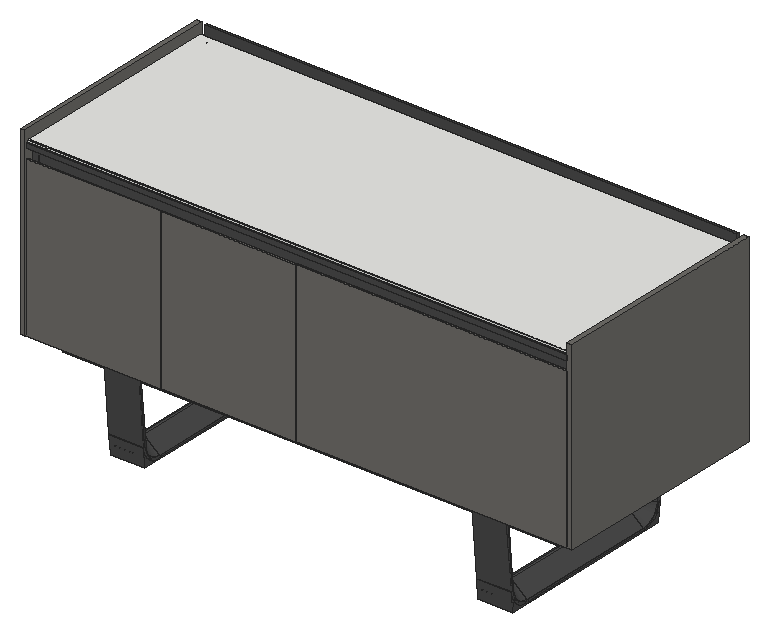
Revit family "Storage-Teknion-CW2A_C+D_Two_Storage_Credenza_29_Height_Elevated_Base-R2020", category Furniture, Revit 2020
Family settings
  OmniClass Number = 23.40.20.00
  OmniClass Title = General Furniture and Specialties
  Work Plane-Based = No
  Always vertical = Yes
  Cut with Voids When Loaded = No
  Shared = Yes
  Room Calculation Point = No
Parameters (values of type "24D x 60W")
  Width = 60.000"
  Warranty = "http://www.teknion.com/ca/papers/legal-canada"
  Top Finish [instance] = Laminate - StudioTK - RY - White Solid Core
  Storage Configuration Selection [instance] = "Please select only one storage configuration below."  # constant formula
  Right Waste [instance] = or([(VW) Left A/V with Upper Drawer , Right Waste], [(AW) Left A/V , Right Waste], [(DW) Left Drawers , Right Waste], [(CW) Left Closed Storage , Right Waste])  # yes
  Right V&A Cut out [instance] = if(or([(WV) Left Waste , Right A/V with Upper Drawer], [(WA) Left Waste , Right A/V], [(CA) Left Closed Storage , Right A/V], [(CV) Left Closed Storage , Right A/V with Upper Drawer]), 15.000", 8.000")  # 8.000"
  Unit Weight URL = "http://www.teknion.com/ca/tools/assets#&asset=bee6a381-b954-425e-8283-5a2de3a804f2,f828d448-4b62-4231-9e5f-9a8991c0ed77"
  URL = "www.teknion.com"
  To render please download texture images found here [instance] = "https://assets.teknion.com/web/5e81352c1dfdb467/revit-material-swatches/"
  Sustainability Data = "https://www.teknion.com/ca/tools/assets#&topic=216f99a5-57a0-44fc-b10a-9dee9b29ae4c&asset=444deb64-fe58-4b68-981e-f75e97781df7,b4ff2d81-9f2e-437d-9659-7cffb09c31cf"
  Series = "C+D Conference Table"  # constant formula
  Right V&A 2D Lines [instance] = or([(WV) Left Waste , Right A/V with Upper Drawer], [(WA) Left Waste , Right A/V], [(CA) Left Closed Storage , Right A/V], [(CV) Left Closed Storage , Right A/V with Upper Drawer])  # no
  Right Drawers [instance] = or([(DD) All Drawers], [(WD) Left Waste , Right Drawers])  # no
  Right Double Door [instance] = or([(WV) Left Waste , Right A/V with Upper Drawer], [(WA) Left Waste , Right A/V], [(VC) Left A/V with Upper Drawer , Right Closed Storage], [(AC) Left A/V , Right Closed Storage], [(CC) All Close Storage], [(CA) Left Closed Storage , Right A/V], [(CV) Left Closed Storage , Right A/V with Upper Drawer], [(WC)  Left Waste , Right Closed Storage])  # no
  Right Door [instance] = not(or(Right Drawers, Right Waste))  # no
  Middle 2D Node [instance] = or([(VW) Left A/V with Upper Drawer , Right Waste], [(DD) All Drawers], [(WD) Left Waste , Right Drawers], [(CV) Left Closed Storage , Right A/V with Upper Drawer])  # yes
  Left Waste [instance] = or([(WV) Left Waste , Right A/V with Upper Drawer], [(WA) Left Waste , Right A/V], [(WC)  Left Waste , Right Closed Storage], [(WD) Left Waste , Right Drawers])  # no
  Left V&A Cut Out [instance] = if(or([(VW) Left A/V with Upper Drawer , Right Waste], [(AW) Left A/V , Right Waste], [(AC) Left A/V , Right Closed Storage], [(VC) Left A/V with Upper Drawer , Right Closed Storage]), 15.000", 8.000")  # 15.000"
  Left V&A 2D Lines [instance] = or([(VW) Left A/V with Upper Drawer , Right Waste], [(AW) Left A/V , Right Waste], [(AC) Left A/V , Right Closed Storage], [(VC) Left A/V with Upper Drawer , Right Closed Storage])  # yes
  Left Drawers [instance] = or([(DW) Left Drawers , Right Waste], [(DD) All Drawers])  # no
  Left Double Door [instance] = or([(VW) Left A/V with Upper Drawer , Right Waste], [(AW) Left A/V , Right Waste], [(CW) Left Closed Storage , Right Waste], [(CV) Left Closed Storage , Right A/V with Upper Drawer], [(CA) Left Closed Storage , Right A/V], [(AC) Left A/V , Right Closed Storage], [(VC) Left A/V with Upper Drawer , Right Closed Storage], [(CC) All Close Storage])  # yes
  Left Door [instance] = not(or(Left Drawers, Left Waste))  # yes
  Door Size = 14.642"
  Description = "C+D Two Storage Credenza, 29\" Height, Elevated Based, 24\" Depth, 60\" Width"
  Case Finish [instance] = Veneer - Teknion - VP - Chia
  24 2D Node = yes
  20 2D Node = no
  (WV) Left Waste , Right A/V with Upper Drawer [instance] = no
  (VW) Left A/V with Upper Drawer , Right Waste [instance] = yes
  (WD) Left Waste , Right Drawers [instance] = no
  (WA) Left Waste , Right A/V [instance] = no
  (DW) Left Drawers , Right Waste [instance] = no
  (CW) Left Closed Storage , Right Waste [instance] = no
  (CV) Left Closed Storage , Right A/V with Upper Drawer [instance] = no
  Product Page URL = "https://www.teknion.com/ca/products/product-details?productLineId=f681026f-8e7a-673b-a6c8-ff05004460c4"
  Product Line = "C+D Credenzas"  # constant formula
  Product Documentation Link = "https://www.teknion.com/pricing/cd-conference-table/pdfs/Credenzas_ppg.pdf"
  Part Number = "CW2A"  # constant formula
  Model = "CW2A_2460"
  Manufacturer Phone = "416-661-3370"  # constant formula
  Manufacturer Fax = "416.661.4586"  # constant formula
  Manufacturer Contact Information = "http://www.teknion.com/ca/contactus"
  Manufacturer Address = "1150 Flint Road, Toronto, ON. M3J 2J5. Canada"  # constant formula
  Manufacturer = "Teknion"  # constant formula
  (CA) Left Closed Storage , Right A/V [instance] = no
  (DD) All Drawers [instance] = no
  (CC) All Close Storage [instance] = not(or([(DD) All Drawers], [(AC) Left A/V , Right Closed Storage], [(VC) Left A/V with Upper Drawer , Right Closed Storage], [(CA) Left Closed Storage , Right A/V], [(CV) Left Closed Storage , Right A/V with Upper Drawer], [(WC)  Left Waste , Right Closed Storage], [(WD) Left Waste , Right Drawers], [(WA) Left Waste , Right A/V], [(WV) Left Waste , Right A/V with Upper Drawer], [(CW) Left Closed Storage , Right Waste], [(DW) Left Drawers , Right Waste], [(AW) Left A/V , Right Waste], [(VW) Left A/V with Upper Drawer , Right Waste]))  # no
  (VC) Left A/V with Upper Drawer , Right Closed Storage [instance] = no
  How To Use Teknion Materials User Guide [instance] = "https://assets.teknion.com/m/205dd0a49fa58060/original/How-to-add-a-Material-Library-and-Texture-Images-to-your-Revit-project.pdf"
  For Additional Finishes please visit [instance] = "https://assets.teknion.com/m/44a8009b046e5d47/original/Teknion_Materials_Library.zip"
  Depth = 24.000"
  Default Elevation = 0.000"
  Assembly Code = "E2020200"
  (WC)  Left Waste , Right Closed Storage [instance] = no
  (AW) Left A/V , Right Waste [instance] = no
  (AC) Left A/V , Right Closed Storage [instance] = no
Reference planes (in)
  plane 1 "Center Front/Back": y = -10
  plane 2: z = 0
  plane 3 "Center Left/Right": x = 30
  plane 4 "Left": x = 0
  plane 5 "Right": x = 60
  plane 6 "Back": y = 2
  plane 7 "Front": y = -22
  plane 8 "Top": z = 30.00394
  plane 9: y = -1.16628
  plane 10: y = -18.83372
  plane 11: x = 10
  plane 12: x = 50
  plane 13: x = 15.28445
  plane 14: x = 0.5689
  plane 15: x = 59.4311
  plane 16: x = 44.71555
  plane 17: y = -21.23622
Forms (in)
  Sweep 1, solid, material "Veneer - Teknion - VP - Chia" <- "Case Finish"
    path origin (0, -10, 0) x (1, 0, 0) y (0, 0, 1)
      loop
        line (0.53937, 30.00394) -> (0.53937, 10)
    profile origin (0.53937, -10, 20.00197) x (0, -1, 0) y (1, 0, 0)
      loop
        line (-12, -0.53937) -> (12, -0.53937) -> (12, 0) -> (-12, 0) -> (-12, -0.53937)
      loop
        line (-12, 59.46063) -> (-12, 58.92126) -> (12, 58.92126) -> (12, 59.46063) -> (-12, 59.46063)
  Sweep 2, solid, material "Veneer - Teknion - VP - Chia" <- "Case Finish"
    path origin (30, 0, 0) x (0, 1, 0) y (0, 0, 1)
      loop
        line (1.21654, 26.95276) -> (1.21654, 10)
    profile origin (30, 1.21654, 18.47638) x (1, 0, 0) y (0, 1, 0)
      loop
        line (-29.46063, 0.72441) -> (-29.46063, 0) -> (29.46063, 0) -> (29.46063, 0.72441) -> (-29.46063, 0.72441)
  Sweep 3, solid, material "Veneer - Teknion - VP - Chia" <- "Case Finish"
    path origin (0, -10, 0) x (1, 0, 0) y (0, 0, 1)
      loop
        line (0.53937, 11.03937) -> (59.46063, 11.03937)
    profile origin (30, -10, 11.03937) x (0, 0, 1) y (0, -1, 0)
      loop
        line (0, 11.03819) -> (-1.03937, 11.03819) -> (-1.03937, -11.21654) -> (0, -11.21654) -> (0, 11.03819)
  Sweep 4, solid, material "Veneer - Teknion - VP - Chia" <- "Case Finish"
    path origin (0, -10, 0) x (1, 0, 0) y (0, 0, 1)
      loop
        line (29.6378, 11.03937) -> (29.6378, 27.54331)
    profile origin (29.6378, -10, 19.29134) x (-1, 0, 0) y (0, -1, 0)
      loop
        line (29.09843, -11.21654) -> (29.09843, 11.03819) -> (28.37402, 11.03819) -> (28.37402, -11.21654) -> (29.09843, -11.21654)
      loop
        line (0, -11.21654) -> (0, 11.03819) -> (-0.72441, 11.03819) -> (-0.72441, -11.21654) -> (0, -11.21654)
      loop
        line (-29.09843, 11.03819) -> (-29.82283, 11.03819) -> (-29.82283, -11.21654) -> (-29.09843, -11.21654) -> (-29.09843, 11.03819)
  Sweep 5, solid, material "Veneer - Teknion - VP - Chia" <- "Case Finish"
    path origin (0, -10, 0) x (1, 0, 0) y (0, 0, 1)
      loop
        line (59.46063, 28.29134) -> (0.53937, 28.29134)
    profile origin (30, -10, 28.29134) x (0, 0, -1) y (0, -1, 0)
      loop
        line (0, -11.76378) -> (0.74803, -11.76378) -> (0.74803, 11.03819) -> (0, 11.03819) -> (0, -11.76378)
  Sweep 6, solid, material "Veneer - Teknion - VP - Chia" <- "Case Finish", visible <- "Left Double Door"
    path origin (0, -10, 0) x (1, 0, 0) y (0, 0, 1)
      loop
        line (15.24016, 27.25197) -> (0.59843, 27.25197)
    profile origin (7.91929, -10, 27.25197) x (0, 0, -1) y (0, -1, 0)
      loop
        line (0, 11.96063) -> (0, 11.84252) -> (0.6063, 11.23622) -> (17.25197, 11.23622) -> (17.25197, 11.96063) -> (0, 11.96063)
  Sweep 7, solid, material "Veneer - Teknion - VP - Chia" <- "Case Finish", visible <- "Left Double Door"
    path origin (14.72047, -10, 0) x (1, 0, 0) y (0, 0, 1)
      loop
        line (15.24016, 27.25197) -> (0.59843, 27.25197)
    profile origin (22.63976, -10, 27.25197) x (0, 0, -1) y (0, -1, 0)
      loop
        line (0, 11.96063) -> (0, 11.84252) -> (0.6063, 11.23622) -> (17.25197, 11.23622) -> (17.25197, 11.96063) -> (0, 11.96063)
  Sweep 8, solid, material "Veneer - Teknion - VP - Chia" <- "Case Finish", visible <- "Right Double Door"
    path origin (29.44094, -10, 0) x (1, 0, 0) y (0, 0, 1)
      loop
        line (15.24016, 27.25197) -> (0.59843, 27.25197)
    profile origin (37.36024, -10, 27.25197) x (0, 0, -1) y (0, -1, 0)
      loop
        line (0, 11.96063) -> (0, 11.84252) -> (0.6063, 11.23622) -> (17.25197, 11.23622) -> (17.25197, 11.96063) -> (0, 11.96063)
  Sweep 9, solid, material "Veneer - Teknion - VP - Chia" <- "Case Finish", visible <- "Right Double Door"
    path origin (44.16142, -10, 0) x (1, 0, 0) y (0, 0, 1)
      loop
        line (15.24016, 27.25197) -> (0.59843, 27.25197)
    profile origin (52.08071, -10, 27.25197) x (0, 0, -1) y (0, -1, 0)
      loop
        line (0, 11.96063) -> (0, 11.84252) -> (0.6063, 11.23622) -> (17.25197, 11.23622) -> (17.25197, 11.96063) -> (0, 11.96063)
  Sweep 10, solid, material "Veneer - Teknion - VP - Chia" <- "Case Finish", visible <- "Left Drawers"
    path origin (0, -10, 0) x (1, 0, 0) y (0, 0, 1)
      loop
        line (0.59843, 19.12598) -> (29.96063, 19.12598)
    profile origin (15.27953, -10, 19.12598) x (0, 0, 1) y (0, -1, 0)
      loop
        line (8.12598, 11.84252) -> (8.12598, 11.96063) -> (0, 11.96063) -> (0, 11.23622) -> (7.51969, 11.23622) -> (8.12598, 11.84252)
  Sweep 11, solid, material "Veneer - Teknion - VP - Chia" <- "Case Finish", visible <- "Left Drawers"
    path origin (0, -10, 0) x (1, 0, 0) y (0, 0, 1)
      loop
        line (29.96063, 18.12598) -> (0.59843, 18.12598)
    profile origin (15.27953, -10, 18.12598) x (0, 0, -1) y (0, -1, 0)
      loop
        line (0, 11.96063) -> (0, 11.84252) -> (0.6063, 11.23622) -> (8.12598, 11.23622) -> (8.12598, 11.96063) -> (0, 11.96063)
  Sweep 12, solid, material "Veneer - Teknion - VP - Chia" <- "Case Finish", visible <- "Right Drawers"
    path origin (29.44094, -10, 0) x (1, 0, 0) y (0, 0, 1)
      loop
        line (0.59843, 19.12598) -> (29.96063, 19.12598)
    profile origin (44.72047, -10, 19.12598) x (0, 0, 1) y (0, -1, 0)
      loop
        line (8.12598, 11.84252) -> (8.12598, 11.96063) -> (0, 11.96063) -> (0, 11.23622) -> (7.51969, 11.23622) -> (8.12598, 11.84252)
  Sweep 13, solid, material "Veneer - Teknion - VP - Chia" <- "Case Finish", visible <- "Right Drawers"
    path origin (29.44094, -10, 0) x (1, 0, 0) y (0, 0, 1)
      loop
        line (29.96063, 18.12598) -> (0.59843, 18.12598)
    profile origin (44.72047, -10, 18.12598) x (0, 0, -1) y (0, -1, 0)
      loop
        line (0, 11.96063) -> (0, 11.84252) -> (0.6063, 11.23622) -> (8.12598, 11.23622) -> (8.12598, 11.96063) -> (0, 11.96063)
  Sweep 14, solid, material "Paint - Teknion - 52 - Ebony"
    path origin (0, 0, 0) x (1, 0, 0) y (0, 1, 0)
      loop
        line (59.46063, -20.29016) -> (0.53937, -20.29016)
    profile origin (30, -20.29016, 0) x (0, -1, 0) y (0, 0, 1)
      loop
        line (1.67055, 28.78346) -> (1.27685, 28.78346) -> (1.27685, 28.33071) -> (0.74803, 28.33071) -> (0.74803, 27.54331) -> (0, 27.54331) -> (0, 26.32283) -> (0.82803, 26.32283) -> (0.82803, 28.25071) -> (1.67055, 28.25071) -> (1.67055, 28.78346)
  Sweep 15, solid, material "Paint - Teknion - 52 - Ebony"
    path origin (0, 0, 0) x (1, 0, 0) y (0, 1, 0)
      loop
        line (1.03937, 0.76378) -> (58.96063, 0.76378)
    profile origin (30, 0.76378, 0) x (0, 1, 0) y (0, 0, 1)
      loop
        line (1.23622, 30.00394) -> (1, 30.00394) -> (1, 28.58324)
        arc (1, 28.58324) -> (1, 28.52756) -> (0.94432, 28.52756) r 0.03937
        line (0.94432, 28.52756) -> (0, 28.52756) -> (0, 28.29134) -> (0.94432, 28.29134)
        arc (0.94432, 28.29134) -> (1, 28.29134) -> (1, 28.23566) r 0.03937
        line (1, 28.23566) -> (1, 27.54331) -> (1.23622, 27.54331) -> (1.23622, 30.00394)
  Sweep 16, solid, material "Paint - Teknion - 52 - Ebony"
    path origin (0, 0, 0) x (1, 0, 0) y (0, 1, 0)
      loop
        line (4.01575, -1.01575) -> (4.01575, -18.98425) -> (55.98425, -18.98425) -> (55.98425, -1.01575) -> (4.01575, -1.01575)
    profile origin (4.01575, -10, 0) x (1, 0, 0) y (0, 0, 1)
      loop
        line (-0.431, 8.52) -> (-0.431, 9.9) -> (-0.09, 9.9) -> (-0.09, 9.6675) -> (0, 9.6675) -> (0, 9.98)
        arc (0, 9.98) -> (-0.00586, 9.99414) -> (-0.02, 10) r 0.02
        line (-0.02, 10) -> (-0.99575, 10)
        arc (-0.99575, 10) -> (-1.00989, 9.99414) -> (-1.01575, 9.98) r 0.02
        line (-1.01575, 9.98) -> (-1.01575, 8.44)
        arc (-1.01575, 8.44) -> (-1.00989, 8.42586) -> (-0.99575, 8.42) r 0.02
        line (-0.99575, 8.42) -> (-0.02, 8.42)
        arc (-0.02, 8.42) -> (-0.00586, 8.42586) -> (0, 8.44) r 0.02
        line (0, 8.44) -> (0, 8.7525) -> (-0.09, 8.7525) -> (-0.09, 8.52) -> (-0.431, 8.52)
  Sweep 17, solid, material "Paint - Teknion - 52 - Ebony"
    path origin (0, -10, 0) x (1, 0, 0) y (0, 0, 1)
      loop
        line (8.11383, 0.125) -> (11.88617, 0.125)
    profile origin (10, -10, 0.125) x (0, 0, 1) y (0, -1, 0)
      loop
        arc (0.10359, 7.89493) -> (0.65668, 9.37616) -> (2.06899, 10.08704) r 2.16637
        line (2.06899, 10.08704) -> (0, 9.89454) -> (0, -9.89454) -> (2.06899, -10.08704)
        arc (2.06899, -10.08704) -> (0.65668, -9.37616) -> (0.10359, -7.89493) r 2.16637
        line (0.10359, -7.89493) -> (0.12003, -6.73851) -> (0.12003, 6.73851) -> (0.10359, 7.89493)
  Sweep 18, solid, material "Paint - Teknion - 52 - Ebony"
    path origin (0, -10, 0) x (1, 0, 0) y (0, 0, 1)
      loop
        line (48.11383, 0.125) -> (51.88617, 0.125)
    profile origin (50, -10, 0.125) x (0, 0, 1) y (0, -1, 0)
      loop
        arc (0.10359, 7.89493) -> (0.65668, 9.37616) -> (2.06899, 10.08704) r 2.16637
        line (2.06899, 10.08704) -> (0, 9.89454) -> (0, -9.89454) -> (2.06899, -10.08704)
        arc (2.06899, -10.08704) -> (0.65668, -9.37616) -> (0.10359, -7.89493) r 2.16637
        line (0.10359, -7.89493) -> (0.12003, -6.73851) -> (0.12003, 6.73851) -> (0.10359, 7.89493)
  Sweep 19, solid, material "Veneer - Teknion - VP - Chia" <- "Case Finish", visible <- "Left Waste"
    path origin (0, -10, 0) x (1, 0, 0) y (0, 0, 1)
      loop
        line (29.96063, 27.25197) -> (0.59843, 27.25197)
    profile origin (15.27953, -10, 27.25197) x (0, 0, -1) y (0, -1, 0)
      loop
        line (0, 11.84252) -> (0.6063, 11.23622) -> (17.25197, 11.23622) -> (17.25197, 11.96063) -> (0, 11.96063) -> (0, 11.84252)
  Sweep 20, solid, material "Veneer - Teknion - VP - Chia" <- "Case Finish", visible <- "Right Waste"
    path origin (29.44094, -10, 0) x (1, 0, 0) y (0, 0, 1)
      loop
        line (29.96063, 27.25197) -> (0.59843, 27.25197)
    profile origin (44.72047, -10, 27.25197) x (0, 0, -1) y (0, -1, 0)
      loop
        line (0, 11.84252) -> (0.6063, 11.23622) -> (17.25197, 11.23622) -> (17.25197, 11.96063) -> (0, 11.96063) -> (0, 11.84252)
  Sweep 21, solid, material "Laminate - StudioTK - RY - White Solid Core" <- "Top Finish"
    path origin (0, -10, 0) x (1, 0, 0) y (0, 0, 1)
      loop
        line (0.53937, 29) -> (59.46063, 29)
    profile origin (30, -10, 29) x (0, 0, 1) y (0, -1, 0)
      loop
        arc (0, 11.66535) -> (-0.0173, 11.70711) -> (-0.05906, 11.72441) r 0.05906
        line (-0.05906, 11.72441) -> (-0.21654, 11.72441) -> (-0.21654, 11.48819) -> (-0.47244, 11.48819) -> (-0.47244, -11.76378) -> (0, -11.76378) -> (0, 11.66535)
  Revolve 22, solid, material "Paint - Teknion - 52 - Ebony"
    sketch origin (10, -2.36839, 48) x (0, 1, 0) y (0, 0, 1)
      loop
        line (-16.46533, -47.875) -> (-16.46533, -48) -> (-15.75981, -48) -> (-15.66743, -47.92) -> (-15.66743, -47.875) -> (-16.46533, -47.875)
      axis (-16.46533, -47.875) -> (-16.46533, -48)
    angle from 0 to 360
  Revolve 23, solid, material "Paint - Teknion - 52 - Ebony"
    sketch origin (10, -2.36839, 48) x (0, 1, 0) y (0, 0, 1)
      loop
        line (1.2021, -47.875) -> (1.2021, -48) -> (1.90762, -48) -> (2, -47.92) -> (2, -47.875) -> (1.2021, -47.875)
      axis (1.2021, -47.875) -> (1.2021, -48)
    angle from 0 to 360
  Revolve 24, solid, material "Paint - Teknion - 52 - Ebony"
    sketch origin (50, -2.36839, 48) x (0, 1, 0) y (0, 0, 1)
      loop
        line (1.2021, -47.875) -> (1.2021, -48) -> (1.90762, -48) -> (2, -47.92) -> (2, -47.875) -> (1.2021, -47.875)
      axis (1.2021, -47.875) -> (1.2021, -48)
    angle from 0 to 360
  Revolve 25, solid, material "Paint - Teknion - 52 - Ebony"
    sketch origin (50, -2.36839, 48) x (0, 1, 0) y (0, 0, 1)
      loop
        line (-16.46533, -47.875) -> (-16.46533, -48) -> (-15.75981, -48) -> (-15.66743, -47.92) -> (-15.66743, -47.875) -> (-16.46533, -47.875)
      axis (-16.46533, -47.875) -> (-16.46533, -48)
    angle from 0 to 360
  Sweep 26, solid, material "Paint - Teknion - 52 - Ebony"
    path origin (10, -2.36839, 48) x (0, 1, 0) y (0, 0, 1)
      loop
        line (-18.43946, -38.05874) -> (-17.71865, -45.80601)
        arc (-17.71865, -45.80601) -> (-17.00777, -47.21832) -> (-15.52654, -47.77141) r 2.16637
        line (-15.52654, -47.77141) -> (0.26331, -47.77141)
        arc (0.26331, -47.77141) -> (1.74454, -47.21832) -> (2.45543, -45.80601) r 2.16637
        line (2.45543, -45.80601) -> (3.17624, -38.05874)
    profile origin (10, -10, 0.22859) x (0, 0, 1) y (1, 0, 0)
      loop
        line (0.26293, -1.85759) -> (1.69143, -0.12524)
        arc (1.69143, -0.12524) -> (1.7364, 0) -> (1.69143, 0.12524) r 0.19685
        line (1.69143, 0.12524) -> (0.26293, 1.85759)
        arc (0.26293, 1.85759) -> (0.24317, 1.87323) -> (0.21873, 1.87938) r 0.06
        line (0.21873, 1.87938) -> (0, 1.88702) -> (0, -1.88702) -> (0.21873, -1.87938)
        arc (0.21873, -1.87938) -> (0.24317, -1.87323) -> (0.26293, -1.85759) r 0.06
  Sweep 27, solid, material "Paint - Teknion - 52 - Ebony"
    path origin (50, -2.36839, 48) x (0, 1, 0) y (0, 0, 1)
      loop
        line (-18.43946, -38.05874) -> (-17.71865, -45.80601)
        arc (-17.71865, -45.80601) -> (-17.00777, -47.21831) -> (-15.52654, -47.77141) r 2.16637
        line (-15.52654, -47.77141) -> (0.26331, -47.77141)
        arc (0.26331, -47.77141) -> (1.74454, -47.21831) -> (2.45542, -45.80601) r 2.16637
        line (2.45542, -45.80601) -> (3.17623, -38.05874)
    profile origin (50, -10, 0.22859) x (0, 0, 1) y (1, 0, 0)
      loop
        line (0.26293, -1.85759) -> (1.69142, -0.12524)
        arc (1.69142, -0.12524) -> (1.7364, 0) -> (1.69142, 0.12524) r 0.19685
        line (1.69142, 0.12524) -> (0.26293, 1.85759)
        arc (0.26293, 1.85759) -> (0.24317, 1.87323) -> (0.21873, 1.87938) r 0.06
        line (0.21873, 1.87938) -> (0, 1.88702) -> (0, -1.88702) -> (0.21873, -1.87938)
        arc (0.21873, -1.87938) -> (0.24317, -1.87323) -> (0.26293, -1.85759) r 0.06
  Sweep 28, solid, material "Paint - Teknion - 52 - Ebony", visible <- "Left Drawers"
    path origin (0, -10, 0) x (1, 0, 0) y (0, 0, 1)
      loop
        line (15.28445, 19.20472) -> (15.28445, 17.23622)
    profile origin (15.28445, -10, 18.22047) x (0, -1, 0) y (1, 0, 0)
      loop
        line (11.03819, -14.02067) -> (11.03819, -14.74508) -> (11.11319, -14.74508) -> (11.11319, 14.71555) -> (11.03819, 14.71555) -> (11.03819, 14.35335) -> (10.29016, 14.35335) -> (10.29016, -14.02067) -> (11.03819, -14.02067)
  Sweep 29, solid, material "Paint - Teknion - 52 - Ebony", visible <- "Right Drawers"
    path origin (29.46063, -10, 0) x (1, 0, 0) y (0, 0, 1)
      loop
        line (15.25492, 19.20472) -> (15.25492, 17.23622)
    profile origin (44.71555, -10, 18.22047) x (0, -1, 0) y (1, 0, 0)
      loop
        line (11.03819, -14.35335) -> (11.03819, -14.71555) -> (11.11319, -14.71555) -> (11.11319, 14.74508) -> (11.03819, 14.74508) -> (11.03819, 14.02067) -> (10.29016, 14.02067) -> (10.29016, -14.35335) -> (11.03819, -14.35335)
  Sweep 30, void
    path origin (50, -2.36839, 48) x (0, 1, 0) y (0, 0, 1)
      loop
        line (0.36839, -29.52362) -> (-7.63161, -29.52362)
    profile origin (50, -6, 18.47638) x (0, 0, -1) y (1, 0, 0)
      loop
        arc (-5, -10.20079) -> (-4.92678, -10.37756) -> (-4.75, -10.45079) r 0.25
        line (-4.75, -10.45079) -> (4.75, -10.45079)
        arc (4.75, -10.45079) -> (4.92678, -10.37756) -> (5, -10.20079) r 0.25
        line (5, -10.20079) -> (5, -0.70079)
        arc (5, -0.70079) -> (4.92678, -0.52401) -> (4.75, -0.45079) r 0.25
        line (4.75, -0.45079) -> (-4.75, -0.45079)
        arc (-4.75, -0.45079) -> (-4.92678, -0.52401) -> (-5, -0.70079) r 0.25
        line (-5, -0.70079) -> (-5, -10.20079)
  Sweep 31, void
    path origin (50, -2.36839, 48) x (0, 1, 0) y (0, 0, 1)
      loop
        line (-7.63161, -29.52362) -> (7.36839, -29.52362)
    profile origin (50, -2.5, 18.47638) x (0, 0, 1) y (1, 0, 0)
      loop
        line (5, -39.29921) -> (5, -29.79921)
        arc (5, -29.79921) -> (4.92678, -29.62244) -> (4.75, -29.54921) r 0.25
        line (4.75, -29.54921) -> (-4.75, -29.54921)
        arc (-4.75, -29.54921) -> (-4.92678, -29.62244) -> (-5, -29.79921) r 0.25
        line (-5, -29.79921) -> (-5, -39.29921)
        arc (-5, -39.29921) -> (-4.92678, -39.47599) -> (-4.75, -39.54921) r 0.25
        line (-4.75, -39.54921) -> (4.75, -39.54921)
        arc (4.75, -39.54921) -> (4.92678, -39.47599) -> (5, -39.29921) r 0.25
Cuts and joins
  Sweep 30, Sweep 31 cuts Sweep 2
Lines and regions (in)
  Masking region 1
    outline origin (0, 0, 0) x (1, 0, 0) y (0, 1, 0)
      loop
        line (0, 2) -> (0, -22) -> (0.53937, -22) -> (0.53937, -21.96071) -> (59.46063, -21.96071) -> (59.46063, -22) -> (60, -22) -> (60, 2) -> (59.46063, 2) -> (59.46063, 1.94094) -> (58.96063, 1.94094) -> (58.96063, 2) -> (1.03937, 2) -> (1.03937, 1.94094) -> (0.53937, 1.94094) -> (0.53937, 2) -> (0, 2)
  symbolic lines
    curve 1: line (0.53937, -22, 0) -> (0.53937, 2, 0)
    curve 2: line (0.53937, -21.72441, 0) -> (59.46063, -21.72441, 0)
    curve 3: line (59.46063, 2, 0) -> (59.46063, -22, 0)
    curve 4: line (59.46063, 1.76378, 0) -> (0.53937, 1.76378, 0)
    curve 5: line (58.96063, 2, 0) -> (58.96063, 1.76378, 0)
    curve 6: line (1.03937, 2, 0) -> (1.03937, 1.76378, 0)
  symbolic lines, style "FurnitureHiddenLines", detail levels medium+fine
    curve 7: line (59.46063, 1.94094, 0) -> (0.53937, 1.94094, 0)
    curve 8: line (1.03937, 0.76378, 0) -> (58.96063, 0.76378, 0)
    curve 9: line (59.46063, 1.21654, 0) -> (0.53937, 1.21654, 0)
    curve 10: line (1.26378, -21.03819, 0) -> (1.26378, 1.21654, 0)
    curve 11: line (1.03937, 0.76378, 0) -> (1.03937, 2, 0)
    curve 12: line (58.96063, 1.7081, 0) -> (1.03937, 1.7081, 0)
    curve 13: line (58.73622, 1.21654, 0) -> (58.73622, -21.03819, 0)
    curve 14: line (59.46063, -21.03819, 0) -> (0.53937, -21.03819, 0)
    curve 15: line (29.6378, 1.21654, 0) -> (29.6378, -21.03819, 0)
    curve 16: line (30.3622, -21.03819, 0) -> (30.3622, 1.21654, 0)
    curve 17: line (59.46063, -20.29016, 0) -> (0.53937, -20.29016, 0)
    curve 18: line (0.53937, -21.11819, 0) -> (59.46063, -21.11819, 0)
    curve 19: line (59.46063, -21.56701, 0) -> (0.53937, -21.56701, 0)
    curve 20: line (0.53937, -21.48819, 0) -> (59.46063, -21.48819, 0)
    curve 84: line (29.96063, -21.23622, 0) -> (29.96063, -21.96063, 0)
    curve 86: line (29.96063, -21.23622, 0) -> (0.59843, -21.23622, 0)
    curve 87: line (0.59843, -21.23622, 0) -> (0.59843, -21.96063, 0)
    curve 101: line (10.45079, 1.94094, 0) -> (20.45079, 1.94094, 0)
    curve 102: line (10.45079, 1.21654, 0) -> (10.45079, 1.94094, 0)
    curve 103: line (20.45079, 1.21654, 0) -> (10.45079, 1.21654, 0)
    curve 104: line (20.45079, 1.94094, 0) -> (20.45079, 1.21654, 0)
    curve 105: line (39.54921, 1.94094, 0) -> (49.54921, 1.94094, 0)
    curve 106: line (39.54921, 1.21654, 0) -> (39.54921, 1.94094, 0)
    curve 107: line (49.54921, 1.21654, 0) -> (39.54921, 1.21654, 0)
    curve 108: line (49.54921, 1.94094, 0) -> (49.54921, 1.21654, 0)
  symbolic lines, style "FurnitureHiddenLines", detail levels fine
    curve 21: line (3.58475, -19.41525, 0) -> (3.58475, -0.58475, 0)
    curve 22: line (3.58475, -0.58475, 0) -> (56.41525, -0.58475, 0)
    curve 23: line (56.41525, -19.41525, 0) -> (3.58475, -19.41525, 0)
    curve 24: line (56.41525, -0.58475, 0) -> (56.41525, -19.41525, 0)
    curve 25: line (56.07425, -19.07425, 0) -> (56.07425, -0.92575, 0)
    curve 26: line (55.98425, -1.01575, 0) -> (55.98425, -18.98425, 0)
    curve 27: line (3.92575, -19.07425, 0) -> (56.07425, -19.07425, 0)
    curve 28: line (55.98425, -18.98425, 0) -> (4.01575, -18.98425, 0)
    curve 29: line (3.92575, -0.92575, 0) -> (3.92575, -19.07425, 0)
    curve 30: line (4.01575, -18.98425, 0) -> (4.01575, -1.01575, 0)
    curve 31: line (56.07425, -0.92575, 0) -> (3.92575, -0.92575, 0)
    curve 32: line (4.01575, -1.01575, 0) -> (55.98425, -1.01575, 0)
    curve 33: line (2.99945, 0, 0) -> (2.99973, -20, 0)
    curve 34: line (2.99973, -20, 0) -> (57.00027, -20, 0)
    curve 35: line (57.00027, -20, 0) -> (57.00027, 0, 0)
    curve 36: line (57.00027, 0, 0) -> (2.99945, 0, 0)
    curve 37: line (11.88702, 0.80785, 0) -> (8.11298, 0.80785, 0)
    curve 38: line (11.88702, 0.80785, 0) -> (11.88702, -8.12532, 0)
    curve 39: line (8.11298, 0.80785, 0) -> (8.11298, -8.06376, 0)
    curve 40: line (8.11298, -20.80785, 0) -> (11.88702, -20.80785, 0)
    curve 41: line (8.11298, -8.06376, 0) -> (8.11298, -20.80785, 0)
    curve 42: line (11.88702, -8.12532, 0) -> (11.88702, -20.80785, 0)
    curve 43: arc (10, -1.96418, 0) -> (10.7979, -1.16628, 0) -> (10, -0.36839, 0) r 0.7979
    curve 44: arc (10, -0.46076, 0) -> (10.70552, -1.16628, 0) -> (10, -1.87181, 0) r 0.70552
    curve 45: arc (10, -1.87181, 0) -> (9.29448, -1.16628, 0) -> (10, -0.46076, 0) r 0.70552
    curve 46: arc (10, -0.36839, 0) -> (9.2021, -1.16628, 0) -> (10, -1.96418, 0) r 0.7979
    curve 47: arc (10, -19.63161, 0) -> (10.7979, -18.83372, 0) -> (10, -18.03582, 0) r 0.7979
    curve 48: arc (10, -18.12819, 0) -> (10.70552, -18.83372, 0) -> (10, -19.53924, 0) r 0.70552
    curve 49: arc (10, -19.53924, 0) -> (9.29448, -18.83372, 0) -> (10, -18.12819, 0) r 0.70552
    curve 50: arc (10, -18.03582, 0) -> (9.2021, -18.83372, 0) -> (10, -19.63161, 0) r 0.7979
    curve 51: arc (50, -1.96418, 0) -> (50.7979, -1.16628, 0) -> (50, -0.36839, 0) r 0.7979
    curve 52: arc (50, -0.46076, 0) -> (50.70552, -1.16628, 0) -> (50, -1.87181, 0) r 0.70552
    curve 53: arc (50, -1.87181, 0) -> (49.29448, -1.16628, 0) -> (50, -0.46076, 0) r 0.70552
    curve 54: arc (50, -0.36839, 0) -> (49.2021, -1.16628, 0) -> (50, -1.96418, 0) r 0.7979
    curve 55: arc (50, -19.63161, 0) -> (50.7979, -18.83372, 0) -> (50, -18.03582, 0) r 0.7979
    curve 56: arc (50, -18.12819, 0) -> (50.70552, -18.83372, 0) -> (50, -19.53924, 0) r 0.70552
    curve 57: arc (50, -18.03582, 0) -> (49.2021, -18.83372, 0) -> (50, -19.63161, 0) r 0.7979
    curve 58: arc (50, -19.53924, 0) -> (49.29448, -18.83372, 0) -> (50, -18.12819, 0) r 0.70552
    curve 59: line (48.11298, -20.80785, 0) -> (51.88702, -20.80785, 0)
    curve 60: line (48.11298, -11.98365, 0) -> (48.11298, -20.80785, 0)
    curve 61: line (51.88702, -8.22228, 0) -> (51.88702, -20.80785, 0)
    curve 62: line (51.88702, 0.80785, 0) -> (48.11298, 0.80785, 0)
    curve 63: line (48.11298, 0.80785, 0) -> (48.11298, -11.98365, 0)
    curve 64: line (51.88702, 0.80785, 0) -> (51.88702, -8.22228, 0)
    curve 65: line (8.11298, -2.10507, 0) -> (11.88702, -2.10507, 0)
    curve 66: line (11.88617, -3.26149, 0) -> (8.11383, -3.26149, 0)
    curve 67: line (11.88617, -16.73851, 0) -> (8.11383, -16.73851, 0)
    curve 68: line (8.11298, -17.89493, 0) -> (11.88702, -17.89493, 0)
    curve 69: line (48.11298, -2.10507, 0) -> (51.88702, -2.10507, 0)
    curve 70: line (51.88617, -3.26149, 0) -> (48.11383, -3.26149, 0)
    curve 71: line (51.88617, -16.73851, 0) -> (48.11383, -16.73851, 0)
    curve 72: line (48.11298, -17.89493, 0) -> (51.88702, -17.89493, 0)
  symbolic lines, style "FurnitureHiddenLines", visible <- "Left Double Door", detail levels medium+fine
    curve 73: line (0.59843, -21.23622, 0) -> (0.59843, -21.96063, 0)
    curve 74: line (15.24016, -21.23622, 0) -> (15.24016, -21.96063, 0)
    curve 75: line (15.24016, -21.23622, 0) -> (0.59843, -21.23622, 0)
    curve 76: line (15.3189, -21.23622, 0) -> (15.3189, -21.96063, 0)
    curve 77: line (29.96063, -21.23622, 0) -> (15.3189, -21.23622, 0)
  symbolic lines, style "FurnitureHiddenLines", visible <- "Right Double Door", detail levels medium+fine
    curve 78: line (44.6811, -21.23622, 0) -> (44.6811, -21.96063, 0)
    curve 79: line (44.6811, -21.23622, 0) -> (30.03937, -21.23622, 0)
    curve 80: line (30.03937, -21.23622, 0) -> (30.03937, -21.96063, 0)
    curve 81: line (59.40157, -21.23622, 0) -> (44.75984, -21.23622, 0)
    curve 82: line (44.75984, -21.23622, 0) -> (44.75984, -21.96063, 0)
    curve 83: line (59.40157, -21.23622, 0) -> (59.40157, -21.96063, 0)
  symbolic lines, style "FurnitureHiddenLines", visible <- "Left Waste", detail levels medium+fine
    curve 85: line (29.96063, -21.23622, 0) -> (29.96063, -21.96063, 0)
  symbolic lines, style "FurnitureHiddenLines", visible <- "Right Drawers", detail levels medium+fine
    curve 88: line (30.03937, -21.23622, 0) -> (30.03937, -21.96063, 0)
    curve 89: line (59.40157, -21.23622, 0) -> (30.03937, -21.23622, 0)
    curve 90: line (59.40157, -21.23622, 0) -> (59.40157, -21.96063, 0)
  symbolic lines, style "FurnitureHiddenLines", visible <- "Left Drawers", detail levels medium+fine
    curve 91: line (0.59843, -21.96063, 0) -> (0.59843, -21.23622, 0)
    curve 92: line (29.96063, -21.23622, 0) -> (0.59843, -21.23622, 0)
    curve 93: line (29.96063, -21.96063, 0) -> (29.96063, -21.23622, 0)
  symbolic lines, style "FurnitureHiddenLines", visible <- "Right Waste", detail levels medium+fine
    curve 94: line (59.40157, -21.96063, 0) -> (59.40157, -21.23622, 0)
    curve 95: line (59.40157, -21.23622, 0) -> (30.03937, -21.23622, 0)
    curve 96: line (30.03937, -21.96063, 0) -> (30.03937, -21.23622, 0)
  reference lines
    curve 97: line (0, 2, 0) -> (60, 2, 0)
    curve 98: line (0, 4, 0) -> (0, -24, 0)
    curve 99: line (0, -22, 0) -> (60, -22, 0)
    curve 100: line (60, 4, 0) -> (60, -24, 0)
Dimensions and locks (in)
  "Width": plane 4 "Left" to plane 5 "Right"
  "Depth": plane 6 "Back" to plane 7 "Front"
  plane 8 "Top" to level = 30.00394"
  locked: Sweep 1 sketch curve to Sweep 1 sketch curve at 0.53937  (x2)
  Sweep 2 sketch curve to plane 6 "Back" = 0.78346"
  plane 6 "Back" to Sweep 2 sketch curve to Sweep 2 sketch curve = 0.05906" locked, 0.72441" locked
  locked: Sweep 3 sketch curve to plane 2 at 11.03937
  plane 2 to Sweep 3 sketch curve to Sweep 3 sketch curve = 10.000" locked, 1.03937" locked
  locked: Sweep 4 sketch curve to Sweep 4 sketch curve at 0.72441  (x2)
  locked: plane 7 "Front" to Sweep 3 sketch curve at 0.96181
  equal spacing: plane 4 "Left", plane 3 "Center Left/Right", plane 5 "Right"
  Sweep 4 sketch curve to plane 3 "Center Left/Right" to Sweep 4 sketch curve = 0.3622" locked, 0.3622" locked
  locked: plane 6 "Back" to Sweep 5 sketch curve at 0.23622
  locked: Sweep 5 sketch curve to plane 7 "Front" at 0.96181
  locked: Sweep 5 sketch curve to Sweep 5 sketch curve at 0.74803
  plane 7 "Front" to Sweep 6 sketch curve to Sweep 6 sketch curve = 0.03937" locked, 0.72441" locked
  Sweep 6 sketch curve to Sweep 6 sketch curve to Sweep 6 sketch curve = 16.64567" locked, 0.6063" locked
  locked: Sweep 6 sketch curve to plane 4 "Left" at 0.59843
  Sweep 7 sketch curve to Sweep 7 sketch curve to Sweep 7 sketch curve = 16.64567" locked, 0.6063" locked
  Sweep 8 sketch curve to Sweep 8 sketch curve to Sweep 8 sketch curve = 16.64567" locked, 0.6063" locked
  Sweep 9 sketch curve to Sweep 9 sketch curve to Sweep 9 sketch curve = 16.64567" locked, 0.6063" locked
  locked: Sweep 10 sketch curve to plane 4 "Left" at 0.59843
  locked: plane 3 "Center Left/Right" to Sweep 10 sketch curve at 0.03937
  locked: Sweep 10 sketch curve to plane 2 at 19.12598
  Sweep 10 sketch curve to Sweep 10 sketch curve to Sweep 9 to plane 8 "Top" = 7.51969" locked, 0.6063" locked, 2.75197" locked
  plane 7 "Front" to Sweep 10 sketch curve to Sweep 10 sketch curve = 0.03937" locked, 0.72441" locked
  locked: Sweep 11 sketch curve to plane 4 "Left" at 0.59843
  locked: plane 3 "Center Left/Right" to Sweep 11 sketch curve at 0.03937
  locked: Sweep 11 sketch curve to plane 2 at 18.12598
  plane 2 to Sweep 9 to Sweep 11 sketch curve to Sweep 11 sketch curve = 10.000" locked, 7.51969" locked, 0.6063" locked
  plane 7 "Front" to Sweep 11 sketch curve to Sweep 11 sketch curve = 0.03937" locked, 0.72441" locked
  locked: Sweep 12 sketch curve to Sweep 12 sketch curve at 7.51969
  locked: Sweep 12 sketch curve to Sweep 12 sketch curve at 0.72441
  locked: Sweep 13 sketch curve to Sweep 13 sketch curve at 0.6063
  locked: Sweep 13 sketch curve to Sweep 13 sketch curve at 0.72441
  locked: Sweep 12 sketch curve to plane 5 "Right" at 0.59843
  locked: Sweep 12 sketch curve to plane 3 "Center Left/Right" at 0.03937
  locked: Sweep 12 sketch curve to plane 2 at 19.12598
  locked: Sweep 9 to Sweep 12 sketch curve at 0.6063
  locked: plane 7 "Front" to Sweep 12 sketch curve at 0.03937
  locked: Sweep 13 sketch curve to plane 3 "Center Left/Right" at 0.03937
  locked: Sweep 13 sketch curve to plane 5 "Right" at 0.59843
  locked: Sweep 13 sketch curve to plane 2 at 18.12598
  Sweep 13 sketch curve to Sweep 9 to plane 2 = 7.51969" locked, 10.000" locked
  locked: plane 7 "Front" to Sweep 13 sketch curve at 0.03937
  locked: plane 4 "Left" to Sweep 14 sketch curve at 0.53937
  locked: Sweep 14 sketch curve to plane 5 "Right" at 0.53937
  locked: plane 7 "Front" to Sweep 14 sketch curve at 1.70984
  plane 7 "Front" to Sweep 14 sketch curve to Sweep 14 sketch curve to Sweep 14 sketch curve to Sweep 14 sketch curve = 0.03929" locked, 0.3937" locked, 0.44882" locked, 0.080" locked
  locked: Sweep 14 sketch curve to Sweep 14 sketch curve at 0.74803
  Sweep 14 sketch curve to Sweep 14 sketch curve to Sweep 14 sketch curve to Sweep 14 sketch curve to Sweep 14 sketch curve = 0.45276" locked, 0.080" locked, 0.7074" locked, 1.22047" locked
  locked: plane 4 "Left" to Sweep 15 sketch curve at 1.03937
  locked: Sweep 15 sketch curve to plane 5 "Right" at 1.03937
  locked: plane 6 "Back" to Sweep 15 sketch curve at 1.23622
  Sweep 15 sketch curve to Sweep 15 sketch curve to Sweep 15 sketch curve to Sweep 15 sketch curve = 1.47638" locked, 0.23622" locked, 0.74803" locked
  Sweep 15 sketch curve to Sweep 15 sketch curve to Sweep 15 sketch curve to Sweep 15 sketch curve = 1.000" locked, 0.000" locked, 0.23622" locked
  locked: plane 4 "Left" to Sweep 16 sketch curve at 4.01575
  locked: Sweep 16 sketch curve to plane 5 "Right" at 4.01575
  locked: plane 6 "Back" to Sweep 16 sketch curve at 3.01575
  locked: plane 7 "Front" to Sweep 16 sketch curve at 3.01575
  Sweep 16 sketch curve to Sweep 16 sketch curve to Sweep 16 sketch curve to Sweep 16 sketch curve to Sweep 16 sketch curve to Sweep 16 sketch curve to plane 2 = 0.100" locked, 0.2325" locked, 0.915" locked, 0.2325" locked, 0.100" locked, 8.420" locked
  Sweep 16 sketch curve to Sweep 16 sketch curve to Sweep 16 sketch curve to Sweep 16 sketch curve to Sweep 16 sketch curve to Sweep 16 sketch curve to plane 4 "Left" = 0.000" locked, 0.090" locked, 0.000" locked, 0.341" locked, 0.58475" locked, 3.000" locked
  locked: Sweep 17 sketch curve to plane 2 at 0.125
  locked: Sweep 18 sketch curve to plane 2 at 0.125
  locked: plane 6 "Back" to plane 9 at 3.16628
  locked: plane 7 "Front" to plane 10 at 3.16628
  locked: Sweep 19 sketch curve to plane 4 "Left" at 0.59843
  locked: plane 3 "Center Left/Right" to Sweep 19 sketch curve at 0.03937
  locked: plane 8 "Top" to Sweep 19 sketch curve at 2.75197
  plane 7 "Front" to Sweep 19 sketch curve to Sweep 19 sketch curve to Sweep 19 sketch curve = 0.03937" locked, 0.11811" locked, 0.6063" locked
  plane 8 "Top" to Sweep 19 sketch curve to Sweep 19 sketch curve = 2.75197" locked, 17.25197" locked
  Sweep 20 sketch curve to Sweep 20 sketch curve to Sweep 20 sketch curve = 0.11811" locked, 0.6063" locked
  locked: Sweep 20 sketch curve to Sweep 20 sketch curve at 17.25197
  locked: Sweep 20 sketch curve to plane 5 "Right" at 0.59843
  locked: Sweep 20 sketch curve to plane 3 "Center Left/Right" at 0.03937
  locked: plane 8 "Top" to Sweep 20 sketch curve at 2.75197  (x2)
  locked: plane 7 "Front" to Sweep 20 sketch curve at 0.03937
  locked: Sweep 21 sketch curve to plane 4 "Left" at 0.53937
  locked: Sweep 21 sketch curve to plane 5 "Right" at 0.53937
  locked: plane 8 "Top" to Sweep 21 sketch curve at 1.00394
  plane 8 "Top" to Sweep 21 sketch curve to Sweep 21 sketch curve = 1.00394" locked, 0.47244" locked
  plane 7 "Front" to Sweep 21 sketch curve to Sweep 21 sketch curve = 0.27559" locked, 0.23622" locked
  locked: Sweep 21 sketch curve to plane 6 "Back" at 0.23622
  locked: plane 4 "Left" to plane 11 at 10
  locked: plane 12 to plane 5 "Right" at 10
  Sweep 17 sketch curve to plane 11 to Sweep 17 sketch curve = 1.88617" locked, 1.88617" locked
  Sweep 18 sketch curve to plane 12 to Sweep 18 sketch curve = 1.88617" locked, 1.88617" locked
  plane 10 to Revolve 22 sketch curve to Revolve 22 sketch curve = 0.70552" locked, 0.09238" locked
  plane 10 to Revolve 25 sketch curve to Revolve 25 sketch curve = 0.70552" locked, 0.09238" locked
  plane 9 to Revolve 24 sketch curve to Revolve 24 sketch curve = 0.70552" locked, 0.09238" locked
  plane 9 to Revolve 23 sketch curve to Revolve 23 sketch curve = 0.70552" locked, 0.09238" locked
  equal spacing: plane 6 "Back", plane 1 "Center Front/Back", plane 7 "Front"
  plane 7 "Front" to Sweep 7 sketch curve to Sweep 7 sketch curve = 0.03937" locked, 0.72441" locked
  plane 7 "Front" to Sweep 9 sketch curve to Sweep 9 sketch curve = 0.03937" locked, 0.72441" locked
  locked: plane 8 "Top" to Sweep 9 sketch curve at 2.75197  (x2)
  plane 7 "Front" to Sweep 8 sketch curve to Sweep 8 sketch curve = 0.03937" locked, 0.72441" locked
  locked: plane 8 "Top" to Sweep 8 sketch curve at 2.75197  (x2)
  locked: plane 3 "Center Left/Right" to Sweep 7 sketch curve at 0.03937
  locked: plane 8 "Top" to Sweep 7 sketch curve at 2.75197
  locked: plane 8 "Top" to Sweep 6 sketch curve at 2.75197
  locked: Sweep 8 sketch curve to plane 3 "Center Left/Right" at 0.03937
  locked: Sweep 9 sketch curve to plane 5 "Right" at 0.59843
  equal spacing: plane 3 "Center Left/Right", plane 13, plane 14
  locked: plane 14 to plane 4 "Left" at 0.5689
  locked: Sweep 6 sketch curve to plane 13 at 0.04429
  locked: plane 13 to Sweep 7 sketch curve at 0.03445
  equal spacing: plane 15, plane 16, plane 3 "Center Left/Right"
  locked: plane 15 to plane 5 "Right" at 0.5689
  locked: plane 16 to Sweep 8 sketch curve at 0.03445
  locked: Sweep 9 sketch curve to plane 16 at 0.04429
  Sweep 26 sketch curve to Sweep 26 sketch curve to Sweep 26 sketch curve to Sweep 26 sketch curve to Sweep 26 sketch curve = 1.9654" locked, 0.000" locked, 7.74727" locked, 0.000" locked
  plane 7 "Front" to Sweep 26 sketch curve to Sweep 26 sketch curve to Sweep 26 sketch curve = 1.19215" locked, 0.72081" locked, 2.19211" locked
  plane 6 "Back" to Sweep 26 sketch curve to Sweep 26 sketch curve to Sweep 26 sketch curve = 1.19215" locked, 0.72081" locked, 2.19211" locked
  Sweep 17 sketch curve to Sweep 17 sketch curve to plane 2 = 2.06899" locked, 0.125" locked
  locked: Sweep 17 sketch curve to Sweep 17 sketch curve at 2.06899
  plane 7 "Front" to Sweep 17 sketch curve to Sweep 17 sketch curve to Sweep 17 sketch curve = 1.91296" locked, 0.1925" locked, 1.99961" locked
  plane 6 "Back" to Sweep 17 sketch curve to Sweep 17 sketch curve to Sweep 17 sketch curve = 1.91296" locked, 0.1925" locked, 1.99961" locked
  plane 2 to Sweep 18 sketch curve to Sweep 18 sketch curve = 0.125" locked, 2.06899" locked
  locked: Sweep 18 sketch curve to Sweep 18 sketch curve at 2.06899
  plane 7 "Front" to Sweep 18 sketch curve to Sweep 18 sketch curve to Sweep 18 sketch curve = 1.91296" locked, 0.1925" locked, 1.99961" locked
  Sweep 18 sketch curve to Sweep 18 sketch curve to Sweep 18 sketch curve to plane 6 "Back" = 1.99961" locked, 0.1925" locked, 1.91296" locked
  plane 2 to Sweep 27 sketch curve to Sweep 27 sketch curve to Sweep 27 sketch curve = 0.22859" locked, 1.9654" locked, 7.74727" locked
  Sweep 27 sketch curve to Sweep 27 sketch curve to Sweep 27 sketch curve = 1.9654" locked, 7.74727" locked
  plane 7 "Front" to Sweep 27 sketch curve to Sweep 27 sketch curve to Sweep 27 sketch curve = 1.19215" locked, 0.72081" locked, 2.19211" locked
  Sweep 27 sketch curve to Sweep 27 sketch curve to Sweep 27 sketch curve to plane 6 "Back" = 2.19211" locked, 0.72081" locked, 1.19215" locked
  Sweep 27 sketch curve to Sweep 27 sketch curve to Sweep 27 sketch curve to Sweep 27 sketch curve to Sweep 27 sketch curve to Sweep 27 sketch curve to Sweep 27 sketch curve to plane 2 = 0.000" locked, 1.42849" locked, 0.000" locked, 0.0442" locked, 0.000" locked, 0.21873" locked, 0.22859" locked
  Sweep 27 sketch curve to Sweep 27 sketch curve to Sweep 27 sketch curve to Sweep 27 sketch curve to profile plane to Sweep 27 sketch curve to Sweep 27 sketch curve to Sweep 27 sketch curve to Sweep 27 sketch curve = 0.00764" locked, 0.02179" locked, 1.73235" locked, 0.12524" locked, 0.12524" locked, 1.73235" locked, 0.02179" locked, 0.00764" locked
  Sweep 26 sketch curve to Sweep 26 sketch curve to Sweep 26 sketch curve to Sweep 26 sketch curve to profile plane to Sweep 26 sketch curve to Sweep 26 sketch curve to Sweep 26 sketch curve to Sweep 26 sketch curve = 0.00764" locked, 0.02179" locked, 1.73235" locked, 0.12524" locked, 0.12524" locked, 1.73235" locked, 0.02179" locked, 0.00764" locked
  Sweep 26 sketch curve to Sweep 26 sketch curve to Sweep 26 sketch curve to Sweep 26 sketch curve to Sweep 26 sketch curve to Sweep 26 sketch curve to Sweep 26 sketch curve = 0.000" locked, 1.42849" locked, 0.000" locked, 0.0442" locked, 0.000" locked, 0.21873" locked
  plane 8 "Top" to Sweep 28 sketch curve to Sweep 28 sketch curve = 10.79921" locked, 1.9685" locked
  locked: Sweep 28 sketch curve to plane 3 "Center Left/Right" at 0.3622
  locked: plane 14 to Sweep 28 sketch curve at 0.69488
  plane 7 "Front" to Sweep 28 sketch curve to Sweep 28 sketch curve to Sweep 28 sketch curve to Sweep 28 sketch curve = 0.88681" locked, 0.075" locked, 0.000" locked, 0.74803" locked
  locked: Sweep 29 sketch curve to Sweep 29 sketch curve at 1.9685
  Sweep 29 sketch curve to Sweep 29 sketch curve to Sweep 29 sketch curve to Sweep 29 sketch curve = 0.075" locked, 0.000" locked, 0.74803" locked
  locked: plane 8 "Top" to Sweep 29 sketch curve at 10.79921
  locked: plane 7 "Front" to Sweep 29 sketch curve at 0.88681
  locked: plane 3 "Center Left/Right" to Sweep 29 sketch curve at 0.3622
  locked: Sweep 29 sketch curve to plane 15 at 0.69488
  "Right V&A Cut out": Sweep 30 sketch curve to Sweep 30 sketch curve
  locked: Sweep 30 sketch curve to plane 2 at 18.47638
  plane 8 "Top" to Sweep 30 sketch curve to Sweep 30 sketch curve = 6.52756" locked, 10.000" locked
  Sweep 30 sketch curve to plane 16 to Sweep 30 sketch curve = 5.16634" locked, 4.83366" locked
  "Left V&A Cut Out": Sweep 31 sketch curve to Sweep 31 sketch curve
  locked: plane 8 "Top" to Sweep 31 sketch curve at 11.52756
  Sweep 31 sketch curve to plane 13 to Sweep 31 sketch curve = 4.83366" locked, 5.16634" locked
  plane 8 "Top" to Sweep 31 sketch curve to Sweep 31 sketch curve = 6.52756" locked, 10.000" locked
  locked: plane 7 "Front" to plane 17 at 0.76378
  locked: plane 14 to nested 9 at 0.02953
  locked: nested 10 to plane 3 "Center Left/Right" at 0.03937
  locked: plane 3 "Center Left/Right" to nested 11 at 0.03937
  locked: nested 12 to plane 15 at 0.02953
  aligned and locked: level to plane 2
  aligned and locked: plane 4 "Left" to Sweep 1 sketch curve
  aligned and locked: Sweep 1 sketch curve to plane 5 "Right"
  aligned and locked: Sweep 1 sketch curve to plane 6 "Back"
  aligned and locked: Sweep 1 sketch curve to plane 7 "Front"
  aligned and locked: plane 6 "Back" to Sweep 1 sketch curve
  aligned and locked: plane 7 "Front" to Sweep 1 sketch curve
  aligned and locked: Sweep 2 sketch curve to Sweep 1  (x2)
  aligned and locked: Sweep 1 to Sweep 2 sketch curve
  aligned and locked: Sweep 1 to Sweep 3 sketch curve  (x2)
  aligned and locked: Sweep 2 to Sweep 3 sketch curve
  aligned and locked: Sweep 3 to Sweep 4 sketch curve  (x2)
  aligned and locked: Sweep 4 sketch curve to Sweep 3  (x2)
  aligned and locked: Sweep 1 to Sweep 4 sketch curve
  aligned and locked: Sweep 4 sketch curve to Sweep 2  (x2)
  aligned and locked: Sweep 2 to Sweep 4 sketch curve
  aligned and locked: Sweep 4 sketch curve to Sweep 1
  aligned and locked: Sweep 1 to Sweep 5 sketch curve  (x2)
  aligned and locked: Sweep 1 to Sweep 6 sketch curve
  aligned and locked: plane 6 "Back" to Sweep 15 sketch curve
  aligned and locked: plane 8 "Top" to Sweep 15 sketch curve
  aligned and locked: Sweep 17 to Revolve 22 sketch curve
  aligned and locked: plane 10 to Revolve 22 sketch curve  (x2)
  aligned and locked: plane 2 to Revolve 22 sketch curve
  aligned and locked: Revolve 22 sketch curve to plane 2
  aligned and locked: plane 10 to Revolve 25 sketch curve  (x2)
  aligned and locked: Sweep 18 to Revolve 25 sketch curve
  aligned and locked: plane 2 to Revolve 25 sketch curve
  aligned and locked: Revolve 25 sketch curve to Sweep 18
  aligned and locked: Revolve 25 sketch curve to plane 2
  aligned and locked: plane 9 to Revolve 24 sketch curve  (x2)
  aligned and locked: Sweep 18 to Revolve 24 sketch curve
  aligned and locked: plane 2 to Revolve 24 sketch curve
  aligned and locked: Revolve 24 sketch curve to plane 2
  aligned and locked: Revolve 24 sketch curve to Sweep 18
  aligned and locked: plane 9 to Revolve 23 sketch curve  (x2)
  aligned and locked: plane 2 to Revolve 23 sketch curve
  aligned and locked: Sweep 18 to Revolve 23 sketch curve
  aligned and locked: Revolve 23 sketch curve to Sweep 18
  aligned and locked: Revolve 23 sketch curve to plane 2
  aligned and locked: plane 3 "Center Left/Right" to Sweep 28 sketch curve
  aligned and locked: Sweep 1 to Sweep 28 sketch curve
  aligned and locked: plane 13 to Sweep 28 sketch curve
  aligned and locked: Sweep 29 sketch curve to plane 16
  aligned and locked: plane 3 "Center Left/Right" to Sweep 29 sketch curve
  aligned and locked: Sweep 1 to Sweep 29 sketch curve
  aligned and locked: plane 1 "Center Front/Back" to Sweep 30 sketch curve
  aligned and locked: plane 1 "Center Front/Back" to Sweep 31 sketch curve
  aligned and locked: Masking region 1 sketch curve to Sweep 1  (x8)
  aligned and locked: Masking region 1 sketch curve to Sweep 14
  aligned and locked: Sweep 1 to Masking region 1 sketch curve
  aligned and locked: Masking region 1 sketch curve to Sweep 15
  aligned and locked: cut or joined group of Sweep 2, Sweep 30, Sweep 31 to Masking region 1 sketch curve
  aligned and locked: Sweep 15 to Masking region 1 sketch curve  (x2)
  aligned and locked: Masking region 1 sketch curve to cut or joined group of Sweep 2, Sweep 30, Sweep 31
  aligned and locked: curve 1 to Sweep 1
  aligned and locked: curve 2 to Sweep 21
  aligned and locked: curve 3 to Sweep 1
  aligned and locked: curve 4 to Sweep 21
  aligned and locked: curve 5 to Sweep 15
  aligned and locked: curve 6 to Sweep 15
  aligned and locked: curve 7 to cut or joined group of Sweep 2, Sweep 30, Sweep 31
  aligned and locked: curve 8 to Sweep 15
  aligned and locked: curve 9 to Sweep 3
  aligned and locked: curve 10 to Sweep 4
  aligned and locked: curve 11 to Sweep 15
  aligned and locked: curve 12 to Sweep 15
  aligned and locked: curve 13 to Sweep 4
  aligned and locked: curve 14 to Sweep 14
  aligned and locked: curve 15 to Sweep 4
  aligned and locked: curve 16 to Sweep 4
  aligned and locked: curve 17 to Sweep 14
  aligned and locked: curve 18 to Sweep 14
  aligned and locked: curve 19 to Sweep 14
  aligned and locked: curve 20 to Sweep 21
  aligned and locked: curve 21 to Sweep 16
  aligned and locked: Sweep 16 to curve 22
  aligned and locked: curve 23 to Sweep 16
  aligned and locked: curve 24 to Sweep 16
  aligned and locked: curve 25 to Sweep 16
  aligned and locked: curve 26 to Sweep 16
  aligned and locked: curve 27 to Sweep 16
  aligned and locked: curve 28 to Sweep 16
  aligned and locked: curve 29 to Sweep 16
  aligned and locked: curve 30 to Sweep 16
  aligned and locked: curve 31 to Sweep 16
  aligned and locked: curve 32 to Sweep 16
  aligned and locked: curve 36 to Sweep 16
  aligned and locked: curve 34 to Sweep 16
  aligned and locked: curve 33 to Sweep 16
  aligned and locked: Sweep 16 to curve 35
  aligned and locked: curve 37 to Sweep 26
  aligned and locked: curve 38 to Sweep 26
  aligned and locked: curve 39 to Sweep 26
  aligned and locked: curve 40 to Sweep 26
  aligned and locked: curve 41 to Sweep 26
  aligned and locked: curve 42 to Sweep 26
  aligned and locked: curve 43 to Revolve 23
  aligned and locked: curve 44 to Revolve 23
  aligned and locked: curve 45 to Revolve 23
  aligned and locked: curve 46 to Revolve 23
  aligned and locked: curve 47 to Revolve 22
  aligned and locked: curve 48 to Revolve 22
  aligned and locked: curve 49 to Revolve 22
  aligned and locked: curve 50 to Revolve 22
  aligned and locked: curve 51 to Revolve 24
  aligned and locked: curve 52 to Revolve 24
  aligned and locked: curve 53 to Revolve 24
  aligned and locked: curve 54 to Revolve 24
  aligned and locked: curve 55 to Revolve 25
  aligned and locked: curve 56 to Revolve 25
  aligned and locked: curve 57 to Revolve 25
  aligned and locked: curve 58 to Revolve 25
  aligned and locked: curve 59 to Sweep 27
  aligned and locked: curve 60 to Sweep 27
  aligned and locked: curve 61 to Sweep 27
  aligned and locked: curve 62 to Sweep 27
  aligned and locked: curve 63 to Sweep 27
  aligned and locked: curve 64 to Sweep 27
  aligned and locked: curve 65 to Sweep 26
  aligned and locked: curve 66 to Sweep 17
  aligned and locked: curve 67 to Sweep 17
  aligned and locked: curve 68 to Sweep 26
  aligned and locked: curve 69 to Sweep 27
  aligned and locked: curve 70 to Sweep 18
  aligned and locked: curve 71 to Sweep 18
  aligned and locked: curve 72 to Sweep 27
  aligned and locked: curve 73 to Sweep 19
  aligned and locked: curve 74 to Sweep 6
  aligned and locked: curve 75 to Sweep 6
  aligned and locked: curve 76 to Sweep 7
  aligned and locked: curve 77 to Sweep 7
  aligned and locked: curve 78 to Sweep 8
  aligned and locked: curve 79 to Sweep 8
  aligned and locked: curve 80 to Sweep 20
  aligned and locked: curve 81 to Sweep 9
  aligned and locked: curve 82 to Sweep 9
  aligned and locked: curve 83 to Sweep 20
  aligned and locked: curve 85 to Sweep 19
  aligned and locked: curve 91 to Sweep 10
  aligned and locked: curve 93 to Sweep 10
  aligned and locked: curve 94 to Sweep 12
  aligned and locked: curve 96 to Sweep 12
  aligned and locked: curve 97 to plane 6 "Back"
  aligned and locked: curve 98 to plane 4 "Left"
  aligned and locked: plane 7 "Front" to curve 99
  aligned and locked: curve 100 to plane 5 "Right"
  aligned and locked: curve 101 to curve 7
  aligned and locked: curve 102 to cut or joined group of Sweep 2, Sweep 30, Sweep 31
  aligned and locked: curve 9 to curve 103
  aligned and locked: curve 104 to cut or joined group of Sweep 2, Sweep 30, Sweep 31
  aligned and locked: curve 105 to curve 7
  aligned and locked: cut or joined group of Sweep 2, Sweep 30, Sweep 31 to curve 106
  aligned and locked: curve 9 to curve 107
  aligned and locked: curve 108 to cut or joined group of Sweep 2, Sweep 30, Sweep 31
  aligned and locked: plane 4 "Left" to nested 1
  aligned and locked: nested 3 to plane 4 "Left"
  aligned and locked: nested 2 to plane 5 "Right"
  aligned and locked: nested 4 to plane 5 "Right"
  aligned and locked: nested 6 to plane 4 "Left"
  aligned and locked: plane 4 "Left" to nested 5
  aligned and locked: nested 8 to plane 5 "Right"
  aligned and locked: nested 7 to plane 5 "Right"
  aligned and locked: plane 17 to nested 9
  aligned and locked: nested 10 to plane 17
  aligned and locked: plane 17 to nested 11
  aligned and locked: nested 12 to plane 17
  aligned and locked: nested 13 to plane 6 "Back"
  aligned and locked: plane 3 "Center Left/Right" to nested 13
Automatic sketch dimensions
  Sweep 2 sketch curve to plane 8 "Top" = 3.05118"
  Sweep 4 sketch curve to plane 3 "Center Left/Right" = 0.3622"
  Sweep 4 sketch curve to plane 8 "Top" = 2.46063"
  Sweep 5 sketch curve to plane 8 "Top" = 1.7126"
  Sweep 5 sketch curve to profile plane = 0.000"
  Sweep 6 sketch curve to Sweep 6 sketch curve = 0.11811"
  Sweep 7 sketch curve to profile plane = 0.000"
  Sweep 7 sketch curve to Sweep 7 sketch curve = 0.11811"
  Sweep 8 sketch curve to Sweep 8 sketch curve = 0.11811"
  Sweep 9 sketch curve to Sweep 9 sketch curve = 0.11811"
  Sweep 10 sketch curve to Sweep 10 sketch curve = 0.6063"
  Sweep 10 sketch curve to Sweep 10 sketch curve = 0.11811"
  Sweep 11 sketch curve to Sweep 11 sketch curve = 7.51969"
  Sweep 11 sketch curve to Sweep 11 sketch curve = 0.11811"
  Sweep 12 sketch curve to Sweep 12 sketch curve = 0.6063"
  Sweep 12 sketch curve to Sweep 12 sketch curve = 0.11811"
  Sweep 13 sketch curve to Sweep 13 sketch curve = 7.51969"
  Sweep 13 sketch curve to Sweep 13 sketch curve = 0.11811"
  level to Sweep 14 sketch curve = 26.32283"
  Sweep 15 sketch curve to Sweep 15 sketch curve = 0.05568"  (x3)
  Sweep 15 sketch curve to Sweep 15 sketch curve = 0.02784"  (x3)
  Sweep 16 sketch curve to Sweep 16 sketch curve = 0.020"  (x2)
  profile plane to Sweep 16 sketch curve = 0.020"  (x2)
  Sweep 17 sketch curve to profile plane = 0.10359"  (x2)
  Sweep 17 sketch curve to profile plane = 0.12003"
  Sweep 17 sketch curve to Sweep 17 sketch curve = 0.20069"  (x2)
  Sweep 17 sketch curve to Sweep 17 sketch curve = 2.15706"  (x2)
  Sweep 17 sketch curve to Sweep 17 sketch curve = 1.15641"  (x2)
  Sweep 17 sketch curve to Sweep 17 sketch curve = 0.000"  (x2)
  Sweep 18 sketch curve to profile plane = 0.10359"  (x2)
  Sweep 18 sketch curve to profile plane = 0.12003"
  Sweep 18 sketch curve to Sweep 18 sketch curve = 0.20069"  (x2)
  Sweep 18 sketch curve to Sweep 18 sketch curve = 2.15706"  (x2)
  Sweep 18 sketch curve to Sweep 18 sketch curve = 1.15641"  (x2)
  Sweep 18 sketch curve to Sweep 18 sketch curve = 0.000"  (x2)
  Sweep 19 sketch curve to profile plane = 0.6063"
